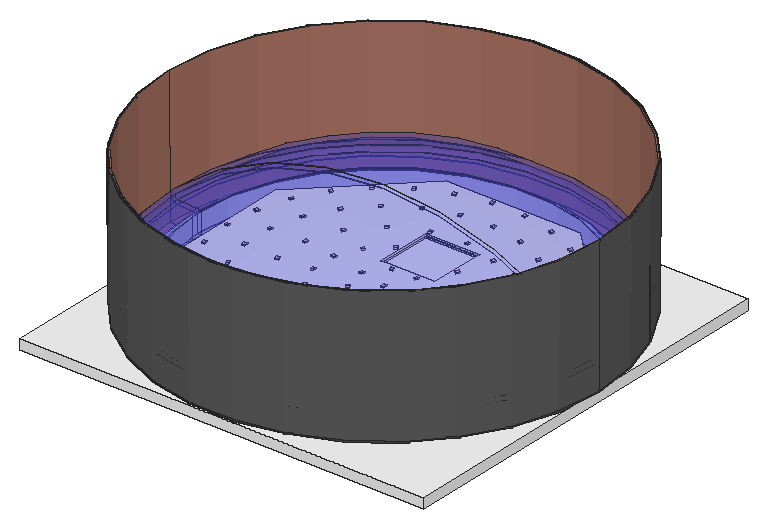
Revit family "BE_51014.6_de_DE", category Leuchten, Revit 2020
Family settings
  Basisbauteil = Fläche
  Bemaßung runder Anschluss = Durchmesser verwenden
  Teiletyp = Normal
  Beim Laden mit Abzugskörper schneiden = Ja
  Lichtquelle = Ja
  Gemeinsam genutzt = Nein
  Raumberechnungspunkt = Ja
Parameters (values of type "BEGA_51014.6_K3")
  built-in parameter 1150104 = 14.034 (stored number, unit not read)
  Wattage = 42.6 W
  Default Elevation = 0 mm
  built-in parameter 1150113 = 1 (stored number, unit not read)
  built-in parameter 1114218 = 1 (stored number, unit not read)
  Umgebungstemperatur = "25 °C"
  URL = "https://www.bega.com/de/produkt/51014.6"
  Typenkommentare = "© 2022 BEGA. Wir behalten uns das Recht vor, technische Änderungen ohne vorherige Ankündigung vorzunehmen."  # constant formula
  built-in parameter 1150134 = (empty or 0)
  built-in parameter 1150109 = 1 (stored number, unit not read)
  Strom = ""
  built-in parameter 1150110 = 1 (stored number, unit not read)
  Spannung = 239.996 V
  Sonderanfertigung = no
  Seriennummer [instance] = "Hier können Sie die eindeutige Seriennummer für das Facility Management eintragen."
  Schutzklasse = "I"
  Schutzart = "IP 20"
  Scheinlast = 0 VA
  Produktdatenblatt = "https://cdn.bega.com/bega/products/51014.6K3/current/documents/data-sheets/de"
  Oberflächentemperatur = ""
  Neigungswinkel = 0.00°
  Modell = "51014.6K3"
  Material_35 = BEGA_Oberfläche_Samtschwarz_matt
  Material_34 = BEGA_Oberfläche_Samtweiss_matt
  Material_29 = BEGA_Oberfläche_Kupfer_matt
  Material_15 = BEGA_Leuchtmedium_matt
  Material_14 = BEGA_Kunststoff_opal
  Material_03 = BEGA_Oberfläche_Weiss_matt
  M_W = no
  M_G = no
  M_A = no
  Logo = 0
  built-in parameter 1114217 = 1 (stored number, unit not read)
  built-in parameter 1150139 = (empty or 0)
  built-in parameter 1150105 = 512.09 (stored number, unit not read)
  built-in parameter 1150114 = 1 (stored number, unit not read)
  Lumens = 6435.16 lm
  built-in parameter 1150115 = 1 (stored number, unit not read)
  Leuchtenlichtstrom = "3303 lm"
  Leuchtenanzahl = ""
  Lebensdauerkriterien = "L70B50 @ 25 °C = 200000 h"
  Lastklassifizierung = Beleuchtung
  built-in parameter 1150112 = 1 (stored number, unit not read)
  Lampenlichtstrom = "6435 lm"
  Lampe = "LED 42.6 W"
  LED_Modulbezeichnung = "LED-0630/930"
  Hersteller = "BEGA"  # constant formula
  Halbstreuwinkel = ""
  Gewicht = "2.95 kg"
  Gebrauchslageneinschränkung [instance] = ""
  Frequenz = "0/50-60 Hz"
  Farbwiedergabeindex = "CRI > 90"
  Farbtemperaturverschiebung bei Dämpfen der Lampe = <Keine Auswahl>
  Farbtemperatur = "3000 K"
  Color Filter = 16777215
  built-in parameter 1150133 = 10 (stored number, unit not read)
  Energieeffizienzklasse = "LED A++ - A"
  built-in parameter 1150137 = (empty or 0)
  built-in parameter 1150132 = (empty or 0)
  ENEC = "ja"
  Dimmbar [instance] = "DALI"
  Datei für fotometrisches Netz = "BE_51014.6K3.IES"
  CE_Konformität = "ja"
  Bestellnummer = "51014.6K3"
  Beschreibung_Sonderanfertigung = "Hier können Sie Informationen zur Sonderanfertigung eintragen."
  Beschreibung = "Deckenleuchte"
  built-in parameter 1150106 = 5.1209 (stored number, unit not read)
  Befestigungsbohrung = "Ø 6 mm"
  Befestigungsabstand = "340 mm"
  Ballwurfsicher = ""
  BEGA_Intern_aus = yes
  BEGA_Intern_an = yes
  BEGA_Intern_Konstruktion = yes
  BEGA_Intern = yes
  BEGA_IES = yes
  BEGA_Dummy = no
  Anschlussleitung = ""
  Anschlussleistung [instance] = "47.4 W"
  Anschlusskasten = ""
  built-in parameter 1150107 = 3000 (stored number, unit not read)
  built-in parameter 1150102 = (empty or 0)
  built-in parameter 1150138 = (empty or 0)
  Aktualisierung = "2022-12-14T04:00:03"
  Abstand_zur_angestrahlten_Fläche [instance] = ""
  AC/DC = "AC/DC"
Reference planes
  plane 1 "Mitte (Vorne/Hinten)": y = 0
  plane 2: z = 0
  plane 3 "Mitte (Links/Rechts)": x = 0
  plane 4 "Links": x = -213.964
  plane 5 "Rechts": x = 213.964
  plane 6 "Unten": y = -213.964
  plane 7 "Oben": y = 213.964
  plane 8 "Vorne": z = 144.998
  plane 9 "Hinten": z = 0
Forms (mm)
  Extrusion 1, solid, material "BEGA_Platte_Weiss"
    sketch origin (0, -1119.2, 0) x (1, 0, 0) y (0, 1, 0)
      loop
        line (-200, 1319.2) -> (-200, 919.2) -> (200, 919.2) -> (200, 1319.2) -> (-200, 1319.2)
    from 0 to -10
  Extrusion 2, solid, material "BEGA_Dummy_matt", visible <- "BEGA_Dummy"
    sketch origin (77.149, -76.023, 0) x (1, 0, 0) y (0, 1, 0)
      loop
        circle (-77.149, 76.023) r 213.964
    from 0 to 144.998
Dimensions and locks
  plane 1 "Mitte (Vorne/Hinten)" to Extrusion 1 = 200 mm
  aligned and locked: plane 2 to Extrusion 1
  aligned and locked: level to Extrusion 1
Nested families
  nested 1: "BE_51014.6_Leuchte" at (0, 0, 0), type "BE_51014.6_Leuchte"
Connectors
  electrical at (0, 0, 0), driven by "Lastklassifizierung", driven by "Spannung", driven by "Scheinlast"
    settings: index 1, voltage 239.996 V, apparent load 0 VA, apparent load phase1 0 VA, apparent load phase2 0 VA, apparent load phase3 0 VA, power factor 1, load classification "Beleuchtung", number of poles 1, system type 31, power factor state 1, is connector primary yes, connector utility no, sub classification motor no, connector description ""
Definition of nested family "BE_51014.6_Leuchte"
  Parameters (values of type "BE_51014.6_Leuchte")
    Default Elevation = 1 mm
    URL = "http://www.bega.de/de/produkt"
    Type Comments = "© 2015 BEGA. Wir behalten uns das Recht vor, technische Änderungen ohne vorherige Ankündigung vorzunehmen. "  # constant formula
    Type Image = (empty or 0)
    Neigungswinkel_um_Z2 = 0.00°
    Neigungswinkel_um_Z1 = 0.00°
    Neigungswinkel_um_Y2 = 0.00°
    Neigungswinkel_um_Y1 = 0.00°
    Neigungswinkel_um_X2 = 0.00°
    Neigungswinkel_um_X1 = 0.00°
    Material_35 = none
    Material_34 = none
    Material_29 = none
    Material_15 = none
    Material_14 = none
    Material_03 = none
    M_W = yes
    M_G = yes
    M_A = yes
    Länge_Platte = 200 mm  # constant formula
    Höhe_Platte = -10 mm  # constant formula
    Manufacturer = "BEGA"  # constant formula
    Drehwinkel_um_Z2 = 0.00°
    Drehwinkel_um_Z1 = 0.00°
    Breite_Platte = 200 mm  # constant formula
  Reference planes
    plane 1 "Mitte (Oben/Unten)": y = 0
    plane 2: z = 0
    plane 3 "Mitte (Links/Rechts)": x = 0
    plane 4: x = 213.964
    plane 5: y = -213.964
    plane 6: x = -213.964
    plane 7: y = 213.964
    plane 8: z = 144.998
  Forms (mm)
    Extrusion 1, solid, detail levels medium
      sketch origin (0, 0, 0) x (1, 0, 0) y (0, 1, 0)
        loop
          line (-100, 100) -> (-100, -100) -> (100, -100) -> (100, 100) -> (-100, 100)
      from 0 to -10 <- "Höhe_Platte"
    Revolve 2, solid, material <- "Material_14"
      sketch origin (0, 0, 0) x (1, 0, 0) y (0, 0, 1)
        loop
          arc (0, 119) -> (-110.735, 99.23) -> (-207.786, 42.362) r 319.999
          arc (-207.786, 42.362) -> (-209.896, 34.783) -> (-203.629, 30.029) r 7
          line (-203.629, 30.029) -> (-184, 29) -> (-184, 10.5) -> (-180.1, 10.5) -> (-180.1, 32.801) -> (-203.42, 34.023)
          arc (-203.42, 34.023) -> (-206.095, 36.03) -> (-205.252, 39.266) r 3
          arc (-205.252, 39.266) -> (-109.389, 95.462) -> (0, 115) r 315.999
          line (0, 115) -> (0, 119)
        axis (0, 119) -> (0, 10.5)
      angle from 0 to 360
    Revolve 3, solid, material <- "Material_35"
      sketch origin (0, 0, 0) x (1, 0, 0) y (0, 0, 1)
        loop
          line (-213.111, 144.995) -> (-213.964, 144.995) -> (-213.498, 11.496)
          arc (-213.498, 11.496) -> (-212.909, 10.082) -> (-211.492, 9.5) r 1.998
          line (-211.492, 9.5) -> (-193.114, 9.5) -> (-193, 2.956)
          arc (-193, 2.956) -> (-192.1, 0.863) -> (-189.991, 0) r 3.009
          line (-189.991, 0) -> (-181, 0) -> (-181, 2.5) -> (-190.991, 2.5) -> (-191.133, 10.623) -> (-212.642, 10.623) -> (-213.111, 144.995)
        axis (0, 144.995) -> (0, 0)
      angle from 0 to 360
    Revolve 4, solid, material <- "Material_34"
      sketch origin (0, 0, 0) x (1, 0, 0) y (0, 0, 1)
        loop
          line (-190.633, 2.5) -> (0, 2.5) -> (0, 3.5) -> (-189.65, 3.5) -> (-190.038, 25.714) -> (-191.038, 25.714) -> (-190.633, 2.5)
        axis (0, 25.714) -> (0, 2.5)
      angle from 0 to 360
    Revolve 5, solid, material <- "Material_29"
      sketch origin (0, 0, 0) x (1, 0, 0) y (0, 0, 1)
        loop
          line (-213.158, 144.998) -> (-212.689, 10.647) -> (-191.228, 10.647) -> (-191.228, 11.496) -> (-211.887, 11.496) -> (-212.353, 144.998) -> (-213.158, 144.998)
        axis (0, 144.998) -> (0, 10.647)
      angle from 0 to 360
    Extrusion 6, solid, material <- "Material_34"
      sketch origin (0, 0, 0) x (1, 0, 0) y (0, 1, 0)
        loop
          circle (0, 170) r 8.061
        loop
          circle (0, -170) r 8.061
      from 0.3 to 2.5
    Extrusion 7, void
      sketch origin (0, 0, 0) x (1, 0, 0) y (0, 1, 0)
        loop
          circle (0, 170) r 3
        loop
          circle (0, -170) r 3
      from 0.3 to 3.5
    Extrusion 8, solid, material <- "Material_34"
      sketch origin (0, 0, 0) x (1, 0, 0) y (0, 1, 0)
        loop
          line (121.002, 25) -> (121.002, -25)
          arc (121.002, -25) -> (147.608, -53.899) -> (178.604, -29.767) r 28.998
          arc (178.604, -29.767) -> (181.067, 0) -> (178.604, 29.767) r 181.067
          arc (178.604, 29.767) -> (147.608, 53.899) -> (121.002, 25) r 28.998
      from 0 to 8.71
    Extrusion 9, void
      sketch origin (0, 0, 0) x (1, 0, 0) y (0, 1, 0)
        loop
          circle (163, 18) r 6
        loop
          circle (163, -18) r 6
      from 0 to 8.71
    Extrusion 10, solid, material <- "Material_03"
      sketch origin (0, 0, 0) x (1, 0, 0) y (0, 1, 0)
        loop
          line (-160, 66.274) -> (-160, -66.274) -> (-66.274, -160) -> (66.274, -160) -> (160, -66.274) -> (160, 66.274) -> (66.274, 160) -> (-66.274, 160) -> (-160, 66.274)
        loop
          line (26.5, 85) -> (-26.5, 85) -> (-26.5, 30) -> (26.5, 30) -> (26.5, 85)
        loop
          line (-26.5, -30) -> (-26.5, -85) -> (26.5, -85) -> (26.5, -30) -> (-26.5, -30)
      from 25.504 to 27.518
    Extrusion 11, solid, material <- "Material_03"
      sketch origin (0, -66, 82.888) x (0, 1, 0) y (0, 0, 1)
        loop
          line (226, -57.174) -> (224.515, -57.174) -> (224.515, -79.388) -> (226, -79.388) -> (226, -57.174)
        loop
          line (-90.828, -57.384) -> (-94, -57.384) -> (-94.001, -79.388) -> (-90.828, -79.388) -> (-90.828, -57.384)
      from -66.274 to 66.274
    Extrusion 12, solid, material <- "Material_03"
      sketch origin (0, 0, 0) x (1, 0, 0) y (0, 1, 0)
        loop
          line (-66.274, 160) -> (-160, 66.274) -> (-160, -66.274) -> (-66.274, -160) -> (66.274, -160) -> (160, -66.274) -> (160, 66.274) -> (66.274, 160) -> (-66.274, 160)
        loop
          line (-26.5, 85) -> (-26.5, 30) -> (26.5, 30) -> (26.5, 85) -> (-26.5, 85)
        loop
          line (-26.5, -30) -> (-26.5, -85) -> (26.5, -85) -> (26.5, -30) -> (-26.5, -30)
      from 27.518 to 29.07
    Extrusion 13, solid, material <- "Material_15"
      sketch origin (0, 0, 0) x (1, 0, 0) y (0, 1, 0)
        loop
          line (-49.788, 148.377) -> (-48.861, 145.524) -> (-46.008, 146.451) -> (-46.935, 149.304) -> (-49.788, 148.377)
        loop
          line (-17.85, 155.486) -> (-17.537, 152.502) -> (-14.553, 152.816) -> (-14.867, 155.799) -> (-17.85, 155.486)
        loop
          line (-25.365, 124.961) -> (-24.802, 122.014) -> (-21.856, 122.576) -> (-22.418, 125.523) -> (-25.365, 124.961)
        loop
          line (-55.644, 114.727) -> (-54.367, 112.012) -> (-51.652, 113.29) -> (-52.93, 116.004) -> (-55.644, 114.727)
        loop
          line (9.314, 124.16) -> (9.503, 127.154) -> (6.509, 127.343) -> (6.32, 124.349) -> (9.314, 124.16)
        loop
          line (-75.451, 133.685) -> (-76.951, 136.283) -> (-79.549, 134.783) -> (-78.049, 132.185) -> (-75.451, 133.685)
        loop
          line (-103.604, 117.306) -> (-105.834, 115.298) -> (-103.826, 113.069) -> (-101.597, 115.076) -> (-103.604, 117.306)
        loop
          line (-82.427, 97.284) -> (-80.515, 94.973) -> (-78.204, 96.885) -> (-80.116, 99.197) -> (-82.427, 97.284)
        loop
          line (-53.944, 73.923) -> (-55.752, 76.317) -> (-58.146, 74.509) -> (-56.338, 72.115) -> (-53.944, 73.923)
        loop
          line (-81.135, 48.473) -> (-78.585, 46.893) -> (-77.005, 49.444) -> (-79.556, 51.023) -> (-81.135, 48.473)
        loop
          line (-116.309, 44.437) -> (-115.205, 47.226) -> (-117.994, 48.331) -> (-119.099, 45.541) -> (-116.309, 44.437)
        loop
          line (-99.841, 74.393) -> (-102.268, 76.156) -> (-104.031, 73.729) -> (-101.604, 71.966) -> (-99.841, 74.393)
        loop
          line (-123.302, 91.439) -> (-125.729, 93.202) -> (-127.493, 90.775) -> (-125.066, 89.012) -> (-123.302, 91.439)
        loop
          line (-142.36, 65.025) -> (-143.58, 62.284) -> (-140.839, 61.064) -> (-139.619, 63.804) -> (-142.36, 65.025)
        loop
          line (-150.458, 30.447) -> (-149.834, 33.382) -> (-152.768, 34.005) -> (-153.392, 31.071) -> (-150.458, 30.447)
        loop
          line (-90.218, 15.339) -> (-89.666, 18.288) -> (-92.615, 18.839) -> (-93.167, 15.89) -> (-90.218, 15.339)
        loop
          line (-123.706, 14.116) -> (-123.33, 17.092) -> (-126.307, 17.468) -> (-126.683, 14.492) -> (-123.706, 14.116)
        loop
          line (-156.5, 1.5) -> (-156.5, -1.5) -> (-153.5, -1.5) -> (-153.5, 1.5) -> (-156.5, 1.5)
        loop
          line (-123.33, -17.092) -> (-123.706, -14.116) -> (-126.683, -14.492) -> (-126.307, -17.468) -> (-123.33, -17.092)
        loop
          line (-149.834, -33.382) -> (-150.458, -30.447) -> (-153.392, -31.071) -> (-152.768, -34.005) -> (-149.834, -33.382)
        loop
          line (-93.167, -15.89) -> (-92.615, -18.839) -> (-89.666, -18.288) -> (-90.218, -15.339) -> (-93.167, -15.89)
        loop
          line (-119.099, -45.541) -> (-117.994, -48.331) -> (-115.205, -47.226) -> (-116.309, -44.437) -> (-119.099, -45.541)
        loop
          line (-77.005, -49.444) -> (-78.585, -46.893) -> (-81.135, -48.473) -> (-79.556, -51.023) -> (-77.005, -49.444)
        loop
          line (-104.031, -73.729) -> (-102.268, -76.156) -> (-99.841, -74.393) -> (-101.604, -71.966) -> (-104.031, -73.729)
        loop
          line (-123.302, -91.439) -> (-125.066, -89.012) -> (-127.493, -90.775) -> (-125.729, -93.202) -> (-123.302, -91.439)
        loop
          line (-80.116, -99.197) -> (-78.204, -96.885) -> (-80.515, -94.973) -> (-82.427, -97.284) -> (-80.116, -99.197)
        loop
          line (-105.834, -115.298) -> (-103.604, -117.306) -> (-101.597, -115.076) -> (-103.826, -113.069) -> (-105.834, -115.298)
        loop
          line (-52.93, -116.004) -> (-51.652, -113.29) -> (-54.367, -112.012) -> (-55.644, -114.727) -> (-52.93, -116.004)
        loop
          line (-24.802, -122.014) -> (-25.365, -124.961) -> (-22.418, -125.523) -> (-21.856, -122.576) -> (-24.802, -122.014)
        loop
          line (-24.418, -91.303) -> (-23.597, -88.418) -> (-26.483, -87.597) -> (-27.304, -90.482) -> (-24.418, -91.303)
        loop
          line (6.949, -91.248) -> (7.226, -94.235) -> (10.213, -93.958) -> (9.936, -90.971) -> (6.949, -91.248)
        loop
          line (-76.951, -136.283) -> (-75.451, -133.685) -> (-78.049, -132.185) -> (-79.549, -134.783) -> (-76.951, -136.283)
        loop
          line (-49.788, -148.377) -> (-46.935, -149.304) -> (-46.008, -146.451) -> (-48.861, -145.524) -> (-49.788, -148.377)
        loop
          line (-14.867, -155.799) -> (-14.553, -152.816) -> (-17.537, -152.502) -> (-17.85, -155.486) -> (-14.867, -155.799)
        loop
          line (14.553, -152.816) -> (14.867, -155.799) -> (17.85, -155.486) -> (17.537, -152.502) -> (14.553, -152.816)
        loop
          line (46.008, -146.451) -> (46.935, -149.304) -> (49.788, -148.377) -> (48.861, -145.524) -> (46.008, -146.451)
        loop
          line (76.951, -136.283) -> (79.549, -134.783) -> (78.049, -132.185) -> (75.451, -133.685) -> (76.951, -136.283)
        loop
          line (69.584, -106.848) -> (67.977, -104.315) -> (65.444, -105.923) -> (67.051, -108.456) -> (69.584, -106.848)
        loop
          line (101.597, -115.076) -> (103.604, -117.306) -> (105.834, -115.298) -> (103.826, -113.069) -> (101.597, -115.076)
        loop
          line (89.73, -86.32) -> (91.917, -88.373) -> (93.97, -86.186) -> (91.783, -84.133) -> (89.73, -86.32)
        loop
          line (123.302, -91.439) -> (125.729, -93.202) -> (127.493, -90.775) -> (125.066, -89.012) -> (123.302, -91.439)
        loop
          line (43.465, -83.924) -> (42.128, -81.239) -> (39.442, -82.576) -> (40.78, -85.262) -> (43.465, -83.924)
        loop
          line (31.049, -50.779) -> (28.451, -52.279) -> (29.951, -54.877) -> (32.549, -53.377) -> (31.049, -50.779)
        loop
          line (66.609, -62.752) -> (68.826, -64.773) -> (70.847, -62.556) -> (68.63, -60.535) -> (66.609, -62.752)
        loop
          line (49.682, -37.95) -> (51.445, -35.523) -> (49.018, -33.76) -> (47.255, -36.187) -> (49.682, -37.95)
        loop
          line (85.863, -31.655) -> (84.779, -34.452) -> (87.577, -35.536) -> (88.66, -32.739) -> (85.863, -31.655)
        loop
          line (6.32, -124.349) -> (6.509, -127.343) -> (9.503, -127.154) -> (9.314, -124.16) -> (6.32, -124.349)
        loop
          line (37.046, -118.87) -> (37.973, -121.723) -> (40.826, -120.796) -> (39.899, -117.943) -> (37.046, -118.87)
        loop
          line (-58.146, -74.509) -> (-55.752, -76.317) -> (-53.944, -73.923) -> (-56.338, -72.115) -> (-58.146, -74.509)
        loop
          line (-31.049, -50.779) -> (-32.549, -53.377) -> (-29.951, -54.877) -> (-28.451, -52.279) -> (-31.049, -50.779)
        loop
          line (-1.5, -26) -> (-1.5, -29) -> (1.5, -29) -> (1.5, -26) -> (-1.5, -26)
        loop
          line (-47.255, -36.187) -> (-49.018, -33.76) -> (-51.445, -35.523) -> (-49.682, -37.95) -> (-47.255, -36.187)
        loop
          line (-57.888, -13.838) -> (-58.512, -10.904) -> (-61.446, -11.527) -> (-60.822, -14.462) -> (-57.888, -13.838)
        loop
          line (-23.608, -16.908) -> (-21.738, -19.254) -> (-19.392, -17.383) -> (-21.263, -15.038) -> (-23.608, -16.908)
        loop
          line (-28.607, 4.991) -> (-25.682, 4.323) -> (-25.014, 7.248) -> (-27.939, 7.915) -> (-28.607, 4.991)
        loop
          line (-1.5, 1.5) -> (-1.5, -1.5) -> (1.5, -1.5) -> (1.5, 1.5) -> (-1.5, 1.5)
        loop
          line (19.392, -17.383) -> (21.738, -19.254) -> (23.608, -16.908) -> (21.263, -15.038) -> (19.392, -17.383)
        loop
          line (25.014, 7.248) -> (25.682, 4.323) -> (28.607, 4.991) -> (27.939, 7.915) -> (25.014, 7.248)
        loop
          line (61.446, -11.527) -> (58.512, -10.904) -> (57.888, -13.838) -> (60.822, -14.462) -> (61.446, -11.527)
        loop
          line (58.512, 10.904) -> (61.446, 11.527) -> (60.822, 14.462) -> (57.888, 13.838) -> (58.512, 10.904)
        loop
          line (49.018, 33.76) -> (51.445, 35.523) -> (49.682, 37.95) -> (47.255, 36.187) -> (49.018, 33.76)
        loop
          line (84.779, 34.452) -> (85.863, 31.655) -> (88.66, 32.739) -> (87.577, 35.536) -> (84.779, 34.452)
        loop
          line (120.216, 32.415) -> (120.962, 29.509) -> (123.867, 30.255) -> (123.121, 33.161) -> (120.216, 32.415)
        loop
          line (149.834, 33.382) -> (150.458, 30.447) -> (153.392, 31.071) -> (152.768, 34.005) -> (149.834, 33.382)
        loop
          line (143.58, 62.284) -> (142.36, 65.025) -> (139.619, 63.804) -> (140.839, 61.064) -> (143.58, 62.284)
        loop
          line (108.378, 61.293) -> (109.823, 58.664) -> (112.452, 60.109) -> (111.006, 62.738) -> (108.378, 61.293)
        loop
          line (123.302, 91.439) -> (125.066, 89.012) -> (127.493, 90.775) -> (125.729, 93.202) -> (123.302, 91.439)
        loop
          line (89.73, 86.32) -> (91.783, 84.133) -> (93.97, 86.186) -> (91.917, 88.373) -> (89.73, 86.32)
        loop
          line (70.847, 62.556) -> (68.826, 64.773) -> (66.609, 62.752) -> (68.63, 60.535) -> (70.847, 62.556)
        loop
          line (32.549, 53.377) -> (29.951, 54.877) -> (28.451, 52.279) -> (31.049, 50.779) -> (32.549, 53.377)
        loop
          line (40.78, 85.262) -> (39.442, 82.576) -> (42.128, 81.239) -> (43.465, 83.924) -> (40.78, 85.262)
        loop
          line (7.226, 94.235) -> (6.949, 91.248) -> (9.936, 90.971) -> (10.213, 93.958) -> (7.226, 94.235)
        loop
          line (-27.304, 90.482) -> (-26.483, 87.597) -> (-23.597, 88.418) -> (-24.418, 91.303) -> (-27.304, 90.482)
        loop
          line (-47.255, 36.187) -> (-49.682, 37.95) -> (-51.445, 35.523) -> (-49.018, 33.76) -> (-47.255, 36.187)
        loop
          line (-28.451, 52.279) -> (-29.951, 54.877) -> (-32.549, 53.377) -> (-31.049, 50.779) -> (-28.451, 52.279)
        loop
          line (-61.446, 11.527) -> (-58.512, 10.904) -> (-57.888, 13.838) -> (-60.822, 14.462) -> (-61.446, 11.527)
        loop
          line (-9.93, 24.076) -> (-11.231, 26.779) -> (-13.934, 25.477) -> (-12.632, 22.774) -> (-9.93, 24.076)
        loop
          line (12.632, 22.774) -> (13.934, 25.477) -> (11.231, 26.779) -> (9.93, 24.076) -> (12.632, 22.774)
        loop
          line (152.768, -34.005) -> (153.392, -31.071) -> (150.458, -30.447) -> (149.834, -33.382) -> (152.768, -34.005)
        loop
          line (123.121, -33.161) -> (123.867, -30.255) -> (120.962, -29.509) -> (120.216, -32.415) -> (123.121, -33.161)
        loop
          line (91.5, 1.5) -> (91.5, -1.5) -> (94.5, -1.5) -> (94.5, 1.5) -> (91.5, 1.5)
        loop
          line (105.834, 115.298) -> (103.604, 117.306) -> (101.597, 115.076) -> (103.826, 113.069) -> (105.834, 115.298)
        loop
          line (65.444, 105.923) -> (67.977, 104.315) -> (69.584, 106.848) -> (67.051, 108.456) -> (65.444, 105.923)
        loop
          line (37.973, 121.723) -> (37.046, 118.87) -> (39.899, 117.943) -> (40.826, 120.796) -> (37.973, 121.723)
        loop
          line (75.451, 133.685) -> (78.049, 132.185) -> (79.549, 134.783) -> (76.951, 136.283) -> (75.451, 133.685)
        loop
          line (14.867, 155.799) -> (14.553, 152.816) -> (17.537, 152.502) -> (17.85, 155.486) -> (14.867, 155.799)
        loop
          line (46.935, 149.304) -> (46.008, 146.451) -> (48.861, 145.524) -> (49.788, 148.377) -> (46.935, 149.304)
        loop
          line (156.5, 1.5) -> (153.5, 1.5) -> (153.5, -1.5) -> (156.5, -1.5) -> (156.5, 1.5)
        loop
          line (123.706, 14.116) -> (126.683, 14.492) -> (126.307, 17.468) -> (123.33, 17.092) -> (123.706, 14.116)
        loop
          line (123.33, -17.092) -> (126.307, -17.468) -> (126.683, -14.492) -> (123.706, -14.116) -> (123.33, -17.092)
      from 29.07 to 29.912
  Cuts and joins
    Extrusion 7, Extrusion 9 cuts Revolve 4
    Extrusion 7, Extrusion 9 cuts Extrusion 6
    Extrusion 9 cuts Extrusion 8
    joined: Revolve 4, Extrusion 6, Extrusion 8
    Extrusion 7, Extrusion 9 cuts Revolve 2
    joined: Extrusion 10, Extrusion 11
  Dimensions and locks
    equal spacing: Extrusion 1 sketch curve, plane 3 "Mitte (Links/Rechts)", Extrusion 1 sketch curve
    equal spacing: Extrusion 1 sketch curve, plane 1 "Mitte (Oben/Unten)", Extrusion 1 sketch curve
    "Länge_Platte": Extrusion 1 sketch curve to Extrusion 1 sketch curve
    "Breite_Platte": Extrusion 1 sketch curve to Extrusion 1 sketch curve
    aligned and locked: plane 2 to Extrusion 1
    aligned and locked: level to Extrusion 1
  Automatic sketch dimensions
    Revolve 2 sketch curve to plane 3 "Mitte (Links/Rechts)" = 0 mm
    Revolve 2 sketch curve to plane 3 "Mitte (Links/Rechts)" = 0.001 mm
    plane 3 "Mitte (Links/Rechts)" to Revolve 2 sketch curve = 0 mm
    Revolve 2 sketch curve to level = 200.999 mm
    Revolve 2 sketch curve to Revolve 2 sketch curve = 0.001 mm
    level to Revolve 2 sketch curve = 39.266 mm
    Revolve 2 sketch curve to Revolve 2 sketch curve = 2.535 mm
    level to Revolve 2 sketch curve = 115 mm
    Revolve 2 sketch curve to Revolve 2 sketch curve = 3.096 mm
    Revolve 2 sketch curve to Revolve 2 sketch curve = 1.988 mm
    Revolve 2 sketch curve to Revolve 2 sketch curve = 2.246 mm
    Revolve 2 sketch curve to Revolve 2 sketch curve = 0.366 mm
    Revolve 2 sketch curve to Revolve 2 sketch curve = 0 mm  (x4)
    Revolve 2 sketch curve to Revolve 2 sketch curve = 0.157 mm
    level to Revolve 2 sketch curve = 10.5 mm
    Revolve 2 sketch curve to Revolve 2 sketch curve = 19.629 mm
    Revolve 2 sketch curve to Revolve 2 sketch curve = 3.9 mm
    level to Revolve 2 sketch curve = 30.029 mm
    level to Revolve 2 sketch curve = 34.023 mm
    level to Revolve 2 sketch curve = 29 mm
    level to Revolve 2 sketch curve = 32.801 mm
    Revolve 4 sketch curve to plane 3 "Mitte (Links/Rechts)" = 0 mm
    level to Revolve 4 sketch curve = 3.5 mm
    Revolve 4 sketch curve to Revolve 4 sketch curve = 189.65 mm
    level to Revolve 4 sketch curve = 2.5 mm
    Revolve 4 sketch curve to Revolve 4 sketch curve = 0.983 mm
    Revolve 4 sketch curve to Revolve 4 sketch curve = 0.388 mm
    level to Revolve 4 sketch curve = 25.714 mm
    Revolve 4 sketch curve to Revolve 4 sketch curve = 1 mm
    Revolve 3 sketch curve to level = 0 mm
    Revolve 3 sketch curve to plane 3 "Mitte (Links/Rechts)" = 0 mm
    Revolve 3 sketch curve to plane 3 "Mitte (Links/Rechts)" = 181 mm
    level to Revolve 3 sketch curve = 3.009 mm
    Revolve 3 sketch curve to Revolve 3 sketch curve = 8.991 mm
    Revolve 3 sketch curve to Revolve 3 sketch curve = 1 mm
    level to Revolve 3 sketch curve = 9.5 mm
    Revolve 3 sketch curve to Revolve 3 sketch curve = 3.123 mm
    Revolve 3 sketch curve to Revolve 3 sketch curve = 0.008 mm
    Revolve 3 sketch curve to Revolve 3 sketch curve = 1.142 mm
    Revolve 3 sketch curve to Revolve 3 sketch curve = 1.611 mm
    Revolve 3 sketch curve to Revolve 3 sketch curve = 0.856 mm
    Revolve 3 sketch curve to Revolve 3 sketch curve = 0.853 mm
    Revolve 3 sketch curve to Revolve 3 sketch curve = 2.5 mm
    Revolve 3 sketch curve to Revolve 3 sketch curve = 0.873 mm
    Revolve 3 sketch curve to Revolve 3 sketch curve = 133.499 mm
    Revolve 3 sketch curve to Revolve 3 sketch curve = 0 mm  (x3)
    level to Revolve 3 sketch curve = 10.623 mm
    Revolve 3 sketch curve to Revolve 3 sketch curve = 2.008 mm
    level to Revolve 3 sketch curve = 2.956 mm
    Revolve 3 sketch curve to Revolve 3 sketch curve = 1.981 mm
    Revolve 3 sketch curve to level = 413.745 mm
    Revolve 3 sketch curve to Revolve 3 sketch curve = 639.873 mm
    Revolve 3 sketch curve to Revolve 3 sketch curve = 20.358 mm
    Revolve 5 sketch curve to plane 3 "Mitte (Links/Rechts)" = 213.158 mm
    Revolve 5 sketch curve to Revolve 5 sketch curve = 0.804 mm
    level to Revolve 5 sketch curve = 10.647 mm
    Revolve 5 sketch curve to Revolve 5 sketch curve = 21.125 mm
    Revolve 5 sketch curve to Revolve 5 sketch curve = 134.35 mm
    Revolve 5 sketch curve to Revolve 5 sketch curve = 21.46 mm
    Revolve 5 sketch curve to Revolve 5 sketch curve = 0.801 mm
    Revolve 5 sketch curve to Revolve 5 sketch curve = 0.849 mm
    plane 1 "Mitte (Oben/Unten)" to Extrusion 8 sketch curve = 0 mm
    Extrusion 8 sketch curve to plane 3 "Mitte (Links/Rechts)" = 0 mm
    Extrusion 8 sketch curve to plane 1 "Mitte (Oben/Unten)" = 25 mm  (x2)
    plane 4 to Extrusion 8 sketch curve = 63.964 mm
    plane 1 "Mitte (Oben/Unten)" to Extrusion 8 sketch curve = 25 mm  (x2)
    Extrusion 8 sketch curve to Extrusion 8 sketch curve = 28.998 mm
    Extrusion 8 sketch curve to Extrusion 8 sketch curve = 0 mm  (x5)
    plane 1 "Mitte (Oben/Unten)" to Extrusion 8 sketch curve = 29.767 mm
    plane 6 to Extrusion 10 sketch curve = 53.964 mm
    Extrusion 10 sketch curve to plane 1 "Mitte (Oben/Unten)" = 66.274 mm  (x2)
    Extrusion 10 sketch curve to plane 3 "Mitte (Links/Rechts)" = 66.274 mm  (x2)
    plane 1 "Mitte (Oben/Unten)" to Extrusion 10 sketch curve = 66.274 mm  (x2)
    plane 7 to Extrusion 10 sketch curve = 53.964 mm
    plane 5 to Extrusion 10 sketch curve = 53.964 mm
    plane 3 "Mitte (Links/Rechts)" to Extrusion 10 sketch curve = 66.274 mm  (x2)
    plane 4 to Extrusion 10 sketch curve = 53.964 mm
    Extrusion 10 sketch curve to plane 3 "Mitte (Links/Rechts)" = 26.5 mm  (x2)
    Extrusion 10 sketch curve to Extrusion 10 sketch curve = 75 mm  (x2)
    plane 3 "Mitte (Links/Rechts)" to Extrusion 10 sketch curve = 26.5 mm  (x2)
    Extrusion 10 sketch curve to plane 1 "Mitte (Oben/Unten)" = 30 mm
    plane 1 "Mitte (Oben/Unten)" to Extrusion 10 sketch curve = 30 mm
    level to Extrusion 11 sketch curve = 3.5 mm  (x2)
    plane 5 to Extrusion 11 sketch curve = 53.964 mm
    level to Extrusion 11 sketch curve = 25.714 mm
    plane 7 to Extrusion 11 sketch curve = 55.449 mm
    Extrusion 11 sketch curve to Extrusion 11 sketch curve = 1.485 mm
    level to Extrusion 11 sketch curve = 25.504 mm
    Extrusion 11 sketch curve to Extrusion 11 sketch curve = 0 mm
    Extrusion 11 sketch curve to Extrusion 11 sketch curve = 3.173 mm
    plane 6 to Extrusion 12 sketch curve = 53.964 mm
    Extrusion 12 sketch curve to plane 1 "Mitte (Oben/Unten)" = 66.274 mm  (x2)
    Extrusion 12 sketch curve to plane 3 "Mitte (Links/Rechts)" = 66.274 mm  (x2)
    plane 1 "Mitte (Oben/Unten)" to Extrusion 12 sketch curve = 66.274 mm  (x2)
    plane 7 to Extrusion 12 sketch curve = 53.964 mm
    plane 5 to Extrusion 12 sketch curve = 53.964 mm
    plane 3 "Mitte (Links/Rechts)" to Extrusion 12 sketch curve = 66.274 mm  (x2)
    plane 4 to Extrusion 12 sketch curve = 53.964 mm
    Extrusion 12 sketch curve to plane 3 "Mitte (Links/Rechts)" = 26.5 mm  (x2)
    Extrusion 12 sketch curve to Extrusion 12 sketch curve = 75 mm
    plane 3 "Mitte (Links/Rechts)" to Extrusion 12 sketch curve = 26.5 mm  (x2)
    Extrusion 12 sketch curve to plane 1 "Mitte (Oben/Unten)" = 30 mm
    plane 1 "Mitte (Oben/Unten)" to Extrusion 12 sketch curve = 30 mm
    Extrusion 12 sketch curve to Extrusion 12 sketch curve = 55 mm
    Extrusion 13 sketch curve to plane 1 "Mitte (Oben/Unten)" = 1.5 mm  (x4)
    plane 6 to Extrusion 13 sketch curve = 57.464 mm
    Extrusion 13 sketch curve to Extrusion 13 sketch curve = 3 mm  (x4)
    Extrusion 13 sketch curve to Extrusion 13 sketch curve = 0.108 mm  (x2)
    Extrusion 13 sketch curve to Extrusion 13 sketch curve = 0.624 mm  (x16)
    Extrusion 13 sketch curve to plane 1 "Mitte (Oben/Unten)" = 30.447 mm  (x2)
    Extrusion 13 sketch curve to Extrusion 13 sketch curve = 2.934 mm  (x17)
    plane 1 "Mitte (Oben/Unten)" to Extrusion 13 sketch curve = 30.447 mm  (x2)
    Extrusion 13 sketch curve to Extrusion 13 sketch curve = 6.254 mm
    Extrusion 13 sketch curve to Extrusion 13 sketch curve = 1.22 mm  (x4)
    Extrusion 13 sketch curve to Extrusion 13 sketch curve = 2.741 mm  (x4)
    Extrusion 13 sketch curve to Extrusion 13 sketch curve = 12.126 mm
    Extrusion 13 sketch curve to Extrusion 13 sketch curve = 22.341 mm
    plane 1 "Mitte (Oben/Unten)" to Extrusion 13 sketch curve = 14.492 mm  (x2)
    Extrusion 13 sketch curve to Extrusion 13 sketch curve = 23.775 mm  (x2)
    Extrusion 13 sketch curve to plane 1 "Mitte (Oben/Unten)" = 14.492 mm  (x2)
    Extrusion 13 sketch curve to plane 1 "Mitte (Oben/Unten)" = 17.468 mm  (x2)
    Extrusion 13 sketch curve to Extrusion 13 sketch curve = 0.376 mm  (x4)
    plane 1 "Mitte (Oben/Unten)" to Extrusion 13 sketch curve = 17.468 mm  (x2)
    Extrusion 13 sketch curve to Extrusion 13 sketch curve = 1.763 mm  (x26)
    Extrusion 13 sketch curve to Extrusion 13 sketch curve = 2.427 mm  (x33)
    Extrusion 13 sketch curve to plane 1 "Mitte (Oben/Unten)" = 14.116 mm  (x2)
    Extrusion 13 sketch curve to Extrusion 13 sketch curve = 2.976 mm  (x8)
    plane 1 "Mitte (Oben/Unten)" to Extrusion 13 sketch curve = 14.116 mm  (x2)
    Extrusion 13 sketch curve to plane 1 "Mitte (Oben/Unten)" = 17.092 mm  (x2)
    plane 1 "Mitte (Oben/Unten)" to Extrusion 13 sketch curve = 17.092 mm  (x2)
    Extrusion 13 sketch curve to plane 1 "Mitte (Oben/Unten)" = 45.541 mm
    Extrusion 13 sketch curve to Extrusion 13 sketch curve = 21.741 mm
    plane 1 "Mitte (Oben/Unten)" to Extrusion 13 sketch curve = 45.541 mm
    Extrusion 13 sketch curve to Extrusion 13 sketch curve = 4.232 mm
    Extrusion 13 sketch curve to Extrusion 13 sketch curve = 1.104 mm  (x4)
    plane 1 "Mitte (Oben/Unten)" to Extrusion 13 sketch curve = 44.437 mm
    Extrusion 13 sketch curve to Extrusion 13 sketch curve = 2.789 mm  (x4)
    Extrusion 13 sketch curve to plane 1 "Mitte (Oben/Unten)" = 44.437 mm
    plane 1 "Mitte (Oben/Unten)" to Extrusion 13 sketch curve = 47.226 mm
    Extrusion 13 sketch curve to plane 1 "Mitte (Oben/Unten)" = 47.226 mm
    Extrusion 13 sketch curve to Extrusion 13 sketch curve = 17.469 mm  (x2)
    Extrusion 13 sketch curve to Extrusion 13 sketch curve = 21.034 mm  (x2)
    Extrusion 13 sketch curve to Extrusion 13 sketch curve = 2.007 mm  (x13)
    Extrusion 13 sketch curve to Extrusion 13 sketch curve = 2.229 mm  (x10)
    Extrusion 13 sketch curve to plane 1 "Mitte (Oben/Unten)" = 15.89 mm
    Extrusion 13 sketch curve to Extrusion 13 sketch curve = 30.164 mm  (x2)
    plane 1 "Mitte (Oben/Unten)" to Extrusion 13 sketch curve = 15.89 mm
    Extrusion 13 sketch curve to plane 1 "Mitte (Oben/Unten)" = 18.839 mm
    Extrusion 13 sketch curve to Extrusion 13 sketch curve = 0.551 mm  (x2)
    plane 1 "Mitte (Oben/Unten)" to Extrusion 13 sketch curve = 18.839 mm
    Extrusion 13 sketch curve to plane 1 "Mitte (Oben/Unten)" = 15.339 mm
    Extrusion 13 sketch curve to Extrusion 13 sketch curve = 2.949 mm  (x4)
    plane 1 "Mitte (Oben/Unten)" to Extrusion 13 sketch curve = 15.339 mm
    plane 1 "Mitte (Oben/Unten)" to Extrusion 13 sketch curve = 18.288 mm
    Extrusion 13 sketch curve to plane 1 "Mitte (Oben/Unten)" = 18.288 mm
    Extrusion 13 sketch curve to Extrusion 13 sketch curve = 19.169 mm  (x2)
    Extrusion 13 sketch curve to Extrusion 13 sketch curve = 20.469 mm  (x2)
    Extrusion 13 sketch curve to Extrusion 13 sketch curve = 1.912 mm  (x6)
    Extrusion 13 sketch curve to Extrusion 13 sketch curve = 2.312 mm  (x5)
    Extrusion 13 sketch curve to Extrusion 13 sketch curve = 1.579 mm  (x5)
    Extrusion 13 sketch curve to Extrusion 13 sketch curve = 22.048 mm  (x2)
    Extrusion 13 sketch curve to Extrusion 13 sketch curve = 2.551 mm  (x5)
    Extrusion 13 sketch curve to plane 1 "Mitte (Oben/Unten)" = 46.893 mm
    Extrusion 13 sketch curve to Extrusion 13 sketch curve = 1.5 mm  (x22)
    Extrusion 13 sketch curve to Extrusion 13 sketch curve = 2.598 mm  (x20)
    Extrusion 13 sketch curve to plane 1 "Mitte (Oben/Unten)" = 11.527 mm  (x2)
    Extrusion 13 sketch curve to Extrusion 13 sketch curve = 28.22 mm
    plane 1 "Mitte (Oben/Unten)" to Extrusion 13 sketch curve = 11.527 mm  (x2)
    Extrusion 13 sketch curve to Extrusion 13 sketch curve = 0 mm
    Extrusion 13 sketch curve to plane 1 "Mitte (Oben/Unten)" = 14.462 mm  (x2)
    plane 1 "Mitte (Oben/Unten)" to Extrusion 13 sketch curve = 14.462 mm  (x2)
    plane 1 "Mitte (Oben/Unten)" to Extrusion 13 sketch curve = 10.904 mm  (x2)
    Extrusion 13 sketch curve to plane 1 "Mitte (Oben/Unten)" = 10.904 mm  (x2)
    Extrusion 13 sketch curve to Extrusion 13 sketch curve = 20.058 mm  (x2)
    plane 1 "Mitte (Oben/Unten)" to Extrusion 13 sketch curve = 13.838 mm  (x2)
    Extrusion 13 sketch curve to plane 1 "Mitte (Oben/Unten)" = 13.838 mm  (x2)
    Extrusion 13 sketch curve to Extrusion 13 sketch curve = 1.808 mm  (x6)
    Extrusion 13 sketch curve to Extrusion 13 sketch curve = 2.394 mm  (x6)
    Extrusion 13 sketch curve to Extrusion 13 sketch curve = 19.807 mm  (x2)
    Extrusion 13 sketch curve to Extrusion 13 sketch curve = 1.277 mm  (x5)
    Extrusion 13 sketch curve to Extrusion 13 sketch curve = 2.714 mm  (x5)
    Extrusion 13 sketch curve to Extrusion 13 sketch curve = 6.443 mm  (x2)
    Extrusion 13 sketch curve to Extrusion 13 sketch curve = 25.663 mm  (x2)
    Extrusion 13 sketch curve to Extrusion 13 sketch curve = 0.927 mm  (x17)
    Extrusion 13 sketch curve to Extrusion 13 sketch curve = 2.853 mm  (x17)
    Extrusion 13 sketch curve to Extrusion 13 sketch curve = 14.706 mm  (x2)
    Extrusion 13 sketch curve to plane 1 "Mitte (Oben/Unten)" = 4.991 mm  (x2)
    Extrusion 13 sketch curve to plane 3 "Mitte (Links/Rechts)" = 28.607 mm
    Extrusion 13 sketch curve to plane 1 "Mitte (Oben/Unten)" = 7.915 mm  (x2)
    Extrusion 13 sketch curve to Extrusion 13 sketch curve = 0.668 mm  (x3)
    Extrusion 13 sketch curve to plane 3 "Mitte (Links/Rechts)" = 27.304 mm  (x2)
    Extrusion 13 sketch curve to Extrusion 13 sketch curve = 0.821 mm  (x6)
    Extrusion 13 sketch curve to plane 1 "Mitte (Oben/Unten)" = 4.323 mm  (x2)
    Extrusion 13 sketch curve to Extrusion 13 sketch curve = 2.925 mm  (x2)
    Extrusion 13 sketch curve to plane 3 "Mitte (Links/Rechts)" = 25.365 mm  (x2)
    Extrusion 13 sketch curve to plane 1 "Mitte (Oben/Unten)" = 7.248 mm  (x2)
    Extrusion 13 sketch curve to Extrusion 13 sketch curve = 0.562 mm  (x6)
    Extrusion 13 sketch curve to Extrusion 13 sketch curve = 2.885 mm  (x6)
    Extrusion 13 sketch curve to Extrusion 13 sketch curve = 2.074 mm
    Extrusion 13 sketch curve to Extrusion 13 sketch curve = 2.947 mm  (x6)
    Extrusion 13 sketch curve to Extrusion 13 sketch curve = 1.87 mm  (x5)
    Extrusion 13 sketch curve to Extrusion 13 sketch curve = 2.346 mm  (x3)
    Extrusion 13 sketch curve to plane 3 "Mitte (Links/Rechts)" = 17.85 mm  (x2)
    Extrusion 13 sketch curve to Extrusion 13 sketch curve = 0.314 mm  (x11)
    Extrusion 13 sketch curve to Extrusion 13 sketch curve = 2.984 mm  (x13)
    Extrusion 13 sketch curve to plane 3 "Mitte (Links/Rechts)" = 13.934 mm
    Extrusion 13 sketch curve to Extrusion 13 sketch curve = 1.302 mm  (x6)
    Extrusion 13 sketch curve to Extrusion 13 sketch curve = 2.703 mm  (x6)
    Extrusion 13 sketch curve to plane 3 "Mitte (Links/Rechts)" = 1.5 mm  (x2)
    plane 3 "Mitte (Links/Rechts)" to Extrusion 13 sketch curve = 1.5 mm  (x2)
    plane 3 "Mitte (Links/Rechts)" to Extrusion 13 sketch curve = 6.32 mm  (x2)
    Extrusion 13 sketch curve to Extrusion 13 sketch curve = 0.188 mm  (x6)
    plane 3 "Mitte (Links/Rechts)" to Extrusion 13 sketch curve = 6.949 mm  (x2)
    Extrusion 13 sketch curve to Extrusion 13 sketch curve = 0.277 mm  (x6)
    Extrusion 13 sketch curve to Extrusion 13 sketch curve = 2.994 mm  (x6)
    plane 3 "Mitte (Links/Rechts)" to Extrusion 13 sketch curve = 9.93 mm
    Extrusion 13 sketch curve to Extrusion 13 sketch curve = 2.987 mm  (x6)
    plane 3 "Mitte (Links/Rechts)" to Extrusion 13 sketch curve = 14.553 mm  (x2)
    plane 3 "Mitte (Links/Rechts)" to Extrusion 13 sketch curve = 19.392 mm
    Extrusion 13 sketch curve to Extrusion 13 sketch curve = 2.345 mm  (x3)
    Extrusion 13 sketch curve to Extrusion 13 sketch curve = 12.382 mm
    plane 3 "Mitte (Links/Rechts)" to Extrusion 13 sketch curve = 28.451 mm  (x2)
    Extrusion 13 sketch curve to Extrusion 13 sketch curve = 27.732 mm  (x2)
    Extrusion 13 sketch curve to Extrusion 13 sketch curve = 9.491 mm  (x2)
    Extrusion 13 sketch curve to Extrusion 13 sketch curve = 1.337 mm  (x4)
    Extrusion 13 sketch curve to Extrusion 13 sketch curve = 2.685 mm  (x4)
    Extrusion 13 sketch curve to Extrusion 13 sketch curve = 8.034 mm  (x2)
    Extrusion 13 sketch curve to Extrusion 13 sketch curve = 16.206 mm  (x2)
    Extrusion 13 sketch curve to Extrusion 13 sketch curve = 8.87 mm  (x2)
    Extrusion 13 sketch curve to Extrusion 13 sketch curve = 25.545 mm  (x2)
    Extrusion 13 sketch curve to Extrusion 13 sketch curve = 16.927 mm  (x2)
    Extrusion 13 sketch curve to Extrusion 13 sketch curve = 1.607 mm  (x6)
    Extrusion 13 sketch curve to Extrusion 13 sketch curve = 2.533 mm  (x6)
    Extrusion 13 sketch curve to Extrusion 13 sketch curve = 2.021 mm  (x5)
    Extrusion 13 sketch curve to Extrusion 13 sketch curve = 2.217 mm  (x6)
    Extrusion 13 sketch curve to Extrusion 13 sketch curve = 8.4 mm  (x2)
    plane 1 "Mitte (Oben/Unten)" to Extrusion 13 sketch curve = 34.452 mm
    Extrusion 13 sketch curve to Extrusion 13 sketch curve = 16.15 mm  (x2)
    Extrusion 13 sketch curve to plane 1 "Mitte (Oben/Unten)" = 34.452 mm
    Extrusion 13 sketch curve to plane 1 "Mitte (Oben/Unten)" = 31.655 mm
    Extrusion 13 sketch curve to Extrusion 13 sketch curve = 1.084 mm  (x2)
    plane 1 "Mitte (Oben/Unten)" to Extrusion 13 sketch curve = 31.655 mm
    plane 1 "Mitte (Oben/Unten)" to Extrusion 13 sketch curve = 35.536 mm
    Extrusion 13 sketch curve to Extrusion 13 sketch curve = 2.797 mm  (x3)
    Extrusion 13 sketch curve to plane 1 "Mitte (Oben/Unten)" = 35.536 mm
    Extrusion 13 sketch curve to plane 1 "Mitte (Oben/Unten)" = 32.739 mm
    plane 1 "Mitte (Oben/Unten)" to Extrusion 13 sketch curve = 32.739 mm
    Extrusion 13 sketch curve to Extrusion 13 sketch curve = 21.753 mm  (x2)
    plane 1 "Mitte (Oben/Unten)" to Extrusion 13 sketch curve = 1.5 mm  (x4)
    Extrusion 13 sketch curve to Extrusion 13 sketch curve = 5.637 mm
    Extrusion 13 sketch curve to Extrusion 13 sketch curve = 2.054 mm  (x6)
    Extrusion 13 sketch curve to Extrusion 13 sketch curve = 2.187 mm  (x6)
    Extrusion 13 sketch curve to Extrusion 13 sketch curve = 9.68 mm  (x2)
    Extrusion 13 sketch curve to Extrusion 13 sketch curve = 16.594 mm
    Extrusion 13 sketch curve to Extrusion 13 sketch curve = 1.445 mm  (x3)
    Extrusion 13 sketch curve to Extrusion 13 sketch curve = 2.629 mm  (x3)
    Extrusion 13 sketch curve to plane 1 "Mitte (Oben/Unten)" = 32.415 mm
    Extrusion 13 sketch curve to Extrusion 13 sketch curve = 10.393 mm
    plane 1 "Mitte (Oben/Unten)" to Extrusion 13 sketch curve = 32.415 mm
    Extrusion 13 sketch curve to Extrusion 13 sketch curve = 31.555 mm
    plane 1 "Mitte (Oben/Unten)" to Extrusion 13 sketch curve = 29.509 mm
    Extrusion 13 sketch curve to Extrusion 13 sketch curve = 0.746 mm  (x4)
    Extrusion 13 sketch curve to plane 1 "Mitte (Oben/Unten)" = 29.509 mm
    Extrusion 13 sketch curve to plane 1 "Mitte (Oben/Unten)" = 33.161 mm
    Extrusion 13 sketch curve to Extrusion 13 sketch curve = 2.906 mm  (x2)
    plane 1 "Mitte (Oben/Unten)" to Extrusion 13 sketch curve = 33.161 mm
    Extrusion 13 sketch curve to Extrusion 13 sketch curve = 19.476 mm  (x2)
    Extrusion 13 sketch curve to Extrusion 13 sketch curve = 2.369 mm  (x2)
    Extrusion 13 sketch curve to plane 1 "Mitte (Oben/Unten)" = 30.255 mm
    plane 1 "Mitte (Oben/Unten)" to Extrusion 13 sketch curve = 30.255 mm
    Extrusion 13 sketch curve to plane 1 "Mitte (Oben/Unten)" = 63.804 mm
    Extrusion 13 sketch curve to plane 1 "Mitte (Oben/Unten)" = 65.025 mm
    Extrusion 13 sketch curve to Extrusion 13 sketch curve = 25.966 mm  (x2)
    plane 1 "Mitte (Oben/Unten)" to Extrusion 13 sketch curve = 34.005 mm
    Extrusion 13 sketch curve to Extrusion 13 sketch curve = 3.042 mm
    Extrusion 13 sketch curve to Extrusion 13 sketch curve = 30.185 mm
    Extrusion 13 sketch curve to Extrusion 13 sketch curve = 0.971 mm
    Extrusion 13 sketch curve to Extrusion 13 sketch curve = 36.941 mm  (x2)
    Extrusion 13 sketch curve to Extrusion 13 sketch curve = 26.082 mm
    Extrusion 13 sketch curve to Extrusion 13 sketch curve = 24.74 mm  (x2)
    Extrusion 13 sketch curve to Extrusion 13 sketch curve = 18.738 mm  (x2)
    Extrusion 13 sketch curve to Extrusion 13 sketch curve = 26.362 mm  (x2)
    Extrusion 13 sketch curve to Extrusion 13 sketch curve = 19.36 mm
    Extrusion 13 sketch curve to Extrusion 13 sketch curve = 13.674 mm  (x2)
    Extrusion 13 sketch curve to Extrusion 13 sketch curve = 2.825 mm
    Extrusion 13 sketch curve to Extrusion 13 sketch curve = 15.282 mm  (x2)
    Extrusion 13 sketch curve to Extrusion 13 sketch curve = 8.395 mm  (x2)
    Extrusion 13 sketch curve to Extrusion 13 sketch curve = 20.58 mm  (x2)
    Extrusion 13 sketch curve to Extrusion 13 sketch curve = 17.996 mm  (x2)
    Extrusion 13 sketch curve to Extrusion 13 sketch curve = 15.127 mm  (x2)
    Extrusion 13 sketch curve to Extrusion 13 sketch curve = 24.696 mm  (x2)
    Extrusion 13 sketch curve to Extrusion 13 sketch curve = 15.785 mm  (x2)
    Extrusion 13 sketch curve to Extrusion 13 sketch curve = 12.02 mm  (x2)
    Extrusion 13 sketch curve to Extrusion 13 sketch curve = 8.724 mm  (x2)
    Extrusion 13 sketch curve to Extrusion 13 sketch curve = 5.29 mm  (x2)
    Extrusion 13 sketch curve to Extrusion 13 sketch curve = 17.458 mm  (x2)
    Extrusion 13 sketch curve to Extrusion 13 sketch curve = 23.729 mm  (x2)
    Extrusion 13 sketch curve to Extrusion 13 sketch curve = 11.839 mm  (x2)
    Extrusion 13 sketch curve to Extrusion 13 sketch curve = 24.727 mm  (x2)
    Extrusion 13 sketch curve to Extrusion 13 sketch curve = 25.348 mm  (x2)
    Extrusion 13 sketch curve to Extrusion 13 sketch curve = 26.98 mm  (x2)
    Extrusion 13 sketch curve to Extrusion 13 sketch curve = 12.828 mm  (x2)
    Extrusion 13 sketch curve to Extrusion 13 sketch curve = 3.558 mm
    plane 1 "Mitte (Oben/Unten)" to Extrusion 13 sketch curve = 29 mm
    plane 1 "Mitte (Oben/Unten)" to Extrusion 13 sketch curve = 19.254 mm  (x2)
    Extrusion 13 sketch curve to Extrusion 13 sketch curve = 15.526 mm  (x2)
    Extrusion 13 sketch curve to Extrusion 13 sketch curve = 19.922 mm  (x2)
    Extrusion 13 sketch curve to Extrusion 13 sketch curve = 14.592 mm  (x2)
    Extrusion 13 sketch curve to Extrusion 13 sketch curve = 26.249 mm
    Extrusion 13 sketch curve to Extrusion 13 sketch curve = 22.585 mm
    Extrusion 13 sketch curve to Extrusion 13 sketch curve = 12.733 mm
    Extrusion 13 sketch curve to Extrusion 13 sketch curve = 22.84 mm
    Extrusion 13 sketch curve to Extrusion 13 sketch curve = 25.207 mm
    Extrusion 13 sketch curve to Extrusion 13 sketch curve = 27.167 mm
